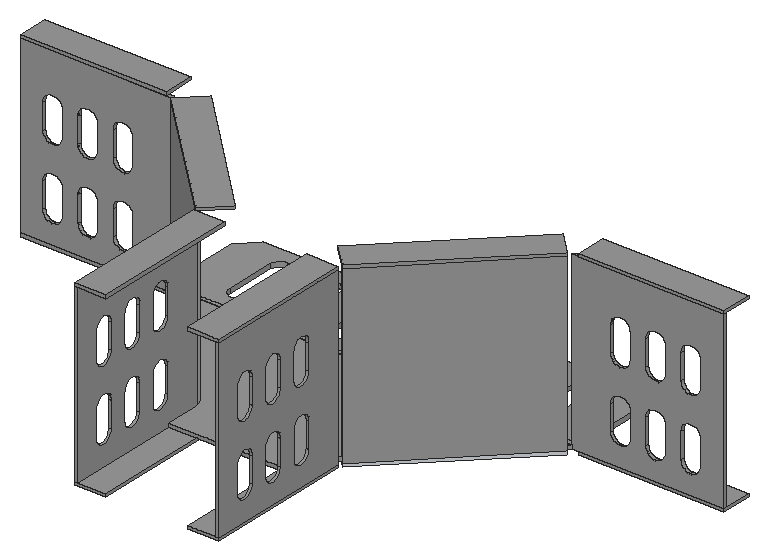
Revit family "Anbauabzweigstück- RAA 605 FT", category Generic Models, Revit 2017
Family settings
  Can host rebar = No
  Round Connector Dimension = Use Diameter
  Part Type = Normal
  Work Plane-Based = No
  Always vertical = Yes
  Cut with Voids When Loaded = No
  Shared = No
  Room Calculation Point = No
Parameters (values of type "RAA 605 FT")
  URL = "http://www.obo-bettermann.com"
  Material = Hot-dip galvanised
  Manufacturer Art.No. = "7120468"
  Manufacturer = "OBO BETTERMANN"
  GTIN = "4012196688661"
  Cut's number 3 = 2
  Cut's number 2 = 5
  Cut's number = 3
  Article Type = "RAA 605 FT"
Types (3, lengths in mm): name | Material | Manufacturer Art.No. | GTIN | Article Type
  (no name) | Hot-dip galvanised | "7120468" | "4012196688661" | "RAA 605 FT"
  RAA 605 FT | Hot-dip galvanised | "7120468" | "4012196688661" | "RAA 605 FT"
  RAA 605 FS | Strip galvanised | "7120460" | "4012196687671" | "RAA 605 FS"
Reference planes
  plane 1 "Center (Front/Back)": y = 0
  plane 2: z = 0
  plane 3 "Center (Left/Right)": x = 0
  plane 4: x = -24.5
  plane 5: x = 24.5
  plane 6: y = 95
  plane 7: x = 73
  plane 8: x = -73
  plane 9: y = 60
  plane 10: z = 1.5
  plane 11: z = 2
  plane 12: y = 95
  plane 13: y = 60
  plane 14: x = -73
  plane 15: x = 73
  plane 16: x = -67
  plane 17: y = 89
  plane 18: x = 67
  plane 19: y = 89
  plane 20: x = 18
  plane 21: x = -18
  plane 22: y = 77.5
  plane 23: x = -0.011
  plane 24: x = -36.011
  plane 25: y = 77.5
  plane 26: x = -18.023
  plane 27: x = -54.023
  plane 28: y = 77.5
  plane 29: x = 35.954
  plane 30: x = -0.046
  plane 31: y = 77.5
  plane 32: x = 53.907
  plane 33: x = 17.907
  plane 34: y = 77.5
  plane 35: x = 71.861
  plane 36: x = 35.861
  plane 37: y = 77.5
  plane 38: x = 89.814
  plane 39: x = 53.814
  plane 40: y = 77.5
  plane 41: y = 71
  plane 42: x = 124.5
  plane 43: x = -124.5
  plane 44: x = 75
  plane 45: x = -75
  plane 46: z = 62
  plane 47: x = 124.5
  plane 48: x = -124.5
  plane 49: y = 71
  plane 50: x = -125
  plane 51: through (73, 62.5, 1200) normal (0.7071, 0.7071, 0)
  plane 52: through (23.147, 15.367, 1200) normal (0.7071, 0.7071, 0)
  plane 53: through (70.5, 60, 1200) normal (0.7071, 0.7071, 0)
  plane 54: through (40.644, 43.832, 1200) normal (0.7071, 0.7071, 0)
  plane 55: through (21.812, 18.384, 1200) normal (0.7071, 0.7071, 0)
  plane 56: through (68.267, 60.488, 1200) normal (0.7071, 0.7071, 0)
  plane 57: y = 59.127
  plane 58: y = 14.848
  plane 59: x = 13.5
  plane 60: y = 14
  plane 61: y = 12.788
  plane 62: y = -40.052
  plane 63: z = -1
  plane 64: x = -73.16
  plane 65: z = 15
  plane 66: z = 40
  plane 67: x = -113.5
  plane 68: z = 15
  plane 69: z = 40
  plane 70: x = -100.989
  plane 71: z = 15
  plane 72: z = 40
  plane 73: x = -88.478
  plane 74: z = 40
  plane 75: x = -113.5
  plane 76: z = 40
  plane 77: x = -100.99
  plane 78: z = 40
  plane 79: x = -88.481
  plane 80: z = 15
  plane 81: x = 113
  plane 82: z = 15
  plane 83: x = 100.506
  plane 84: z = 15
  plane 85: x = 88.012
  plane 86: x = 113
  plane 87: z = 40
  plane 88: x = 100.475
  plane 89: z = 40
  plane 90: x = 87.951
  plane 91: z = 40
  plane 92: z = 15
  plane 93: y = -28.552
  plane 94: z = 15
  plane 95: y = -16.054
  plane 96: z = 15
  plane 97: y = -3.557
  plane 98: y = -28.552
  plane 99: z = 40
  plane 100: y = -16.02
  plane 101: z = 40
  plane 102: y = -3.488
  plane 103: z = 40
  plane 104: z = 15
  plane 105: y = -28.552
  plane 106: z = 15
  plane 107: y = -16.022
  plane 108: z = 15
  plane 109: y = -3.491
  plane 110: z = 40
  plane 111: y = -28.552
  plane 112: z = 40
  plane 113: y = -16.034
  plane 114: z = 40
  plane 115: y = -3.517
Forms (mm)
  Extrusion 1, solid, material "Hot-dip galvanised" <- "Material"
    sketch origin (0, 0, 0) x (1, 0, 0) y (0, 1, 0)
      loop
        line (-24.5, 0) -> (24.5, 0) -> (24.5, 14) -> (70.5, 60) -> (-70.5, 60) -> (-24.5, 14) -> (-24.5, 0)
    from 0 to 1.5
  Extrusion 2, solid, material "Hot-dip galvanised" <- "Material"
    sketch origin (0, 0, 0) x (0, 1, 0) y (0, 0, 1)
      loop
        line (60, 1.5) -> (60, 0) -> (60.866, 0) -> (61.276, 0.711) -> (95, 0.711) -> (95, 2.211) -> (60.41, 2.211) -> (60, 1.5)
    from -73 to 73
  Extrusion 3, void
    sketch origin (0, 0, 0) x (1, 0, 0) y (0, 1, 0)
      loop
        line (-67, 95) -> (-73, 95) -> (-73, 89) -> (-67, 95)
    from 0.711 to 2.211
  Extrusion 4, void
    sketch origin (0, 0, 0) x (1, 0, 0) y (0, 1, 0)
      loop
        line (67, 95) -> (73, 89) -> (73, 95) -> (67, 95)
    from 0.711 to 2.211
  Extrusion 5, void
    sketch origin (0, 0, 0) x (1, 0, 0) y (0, 1, 0)
      loop
        line (-70.5, 60) -> (-73, 62.5) -> (-73, 60) -> (-70.5, 60)
    from 0 to 2.211
  Extrusion 6, void
    sketch origin (0, 0, 0) x (1, 0, 0) y (0, 1, 0)
      loop
        line (70.5, 60) -> (73, 60) -> (73, 62.5) -> (70.5, 60)
    from 0 to 2.211
  Extrusion 7, void
    sketch origin (0, 0, 0) x (1, 0, 0) y (0, 1, 0)
      loop
        arc (-21.5, 68.5) -> (-18, 65) -> (-14.5, 68.5) r 3.5
        line (-14.5, 68.5) -> (-14.5, 86.5)
        arc (-14.5, 86.5) -> (-18, 90) -> (-21.5, 86.5) r 3.5
        line (-21.5, 86.5) -> (-21.5, 68.5)
    from 0.711 to 2.211
  Extrusion 8, void
    sketch origin (-18.011, 0, 0) x (1, 0, 0) y (0, 1, 0)
      loop
        arc (-21.5, 68.5) -> (-18, 65) -> (-14.5, 68.5) r 3.5
        line (-14.5, 68.5) -> (-14.5, 86.5)
        arc (-14.5, 86.5) -> (-18, 90) -> (-21.5, 86.5) r 3.5
        line (-21.5, 86.5) -> (-21.5, 68.5)
    from 0.711 to 2.211
  Extrusion 9, void
    sketch origin (-36.023, 0, 0) x (1, 0, 0) y (0, 1, 0)
      loop
        arc (-21.5, 68.5) -> (-18, 65) -> (-14.5, 68.5) r 3.5
        line (-14.5, 68.5) -> (-14.5, 86.5)
        arc (-14.5, 86.5) -> (-18, 90) -> (-21.5, 86.5) r 3.5
        line (-21.5, 86.5) -> (-21.5, 68.5)
    from 0.711 to 2.211
  Extrusion 10, void
    sketch origin (17.954, 0, 0) x (1, 0, 0) y (0, 1, 0)
      loop
        arc (-21.5, 68.5) -> (-18, 65) -> (-14.5, 68.5) r 3.5
        line (-14.5, 68.5) -> (-14.5, 86.5)
        arc (-14.5, 86.5) -> (-18, 90) -> (-21.5, 86.5) r 3.5
        line (-21.5, 86.5) -> (-21.5, 68.5)
    from 0.711 to 2.211
  Extrusion 11, void
    sketch origin (35.907, 0, 0) x (1, 0, 0) y (0, 1, 0)
      loop
        arc (-21.5, 68.5) -> (-18, 65) -> (-14.5, 68.5) r 3.5
        line (-14.5, 68.5) -> (-14.5, 86.5)
        arc (-14.5, 86.5) -> (-18, 90) -> (-21.5, 86.5) r 3.5
        line (-21.5, 86.5) -> (-21.5, 68.5)
    from 0.711 to 2.211
  Extrusion 12, void
    sketch origin (53.861, 0, 0) x (1, 0, 0) y (0, 1, 0)
      loop
        arc (-21.5, 68.5) -> (-18, 65) -> (-14.5, 68.5) r 3.5
        line (-14.5, 68.5) -> (-14.5, 86.5)
        arc (-14.5, 86.5) -> (-18, 90) -> (-21.5, 86.5) r 3.5
        line (-21.5, 86.5) -> (-21.5, 68.5)
    from 0.711 to 2.211
  Extrusion 13, void
    sketch origin (71.814, 0, 0) x (1, 0, 0) y (0, 1, 0)
      loop
        arc (-21.5, 68.5) -> (-18, 65) -> (-14.5, 68.5) r 3.5
        line (-14.5, 68.5) -> (-14.5, 86.5)
        arc (-14.5, 86.5) -> (-18, 90) -> (-21.5, 86.5) r 3.5
        line (-21.5, 86.5) -> (-21.5, 68.5)
    from 0.711 to 2.211
  Extrusion 14, solid, material "Hot-dip galvanised" <- "Material"
    sketch origin (0, 0, 0) x (1, 0, 0) y (0, 1, 0)
      loop
        line (124.5, 60) -> (124.5, 61) -> (71.5, 61) -> (70.5, 60) -> (124.5, 60)
    from 0 to 62
  Extrusion 15, solid, material "Hot-dip galvanised" <- "Material"
    sketch origin (0, 0, 0) x (1, 0, 0) y (0, 1, 0)
      loop
        line (-70.5, 60) -> (-71.541, 61.041) -> (-125, 61.041) -> (-125, 60) -> (-70.5, 60)
    from 0 to 62
  Extrusion 16, solid, material "Hot-dip galvanised" <- "Material"
    sketch origin (0, 0, 0) x (0, 1, 0) y (0, 0, 1)
      loop
        line (60, 0) -> (60, -1) -> (71, -1) -> (71, 0) -> (60, 0)
    from -125 to -73.16
  Extrusion 17, solid, material "Hot-dip galvanised" <- "Material"
    sketch origin (0, 0, 0) x (0, 1, 0) y (0, 0, 1)
      loop
        line (70.983, 63.009) -> (60, 63.009) -> (60, 62) -> (70.983, 62) -> (70.983, 63.009)
    from -125 to -73.16
  Extrusion 18, solid, material "Hot-dip galvanised" <- "Material"
    sketch origin (0, 0, 0) x (1, 0, 0) y (0, 1, 0)
      loop
        line (69.627, 59.127) -> (25.348, 14.848) -> (26.055, 14.141) -> (70.334, 58.42) -> (69.627, 59.127)
    from 0 to 62
  Extrusion 19, solid, material "Hot-dip galvanised" <- "Material"
    sketch origin (0, 0, 0) x (1, 0, 0) y (0, 1, 0)
      loop
        line (-69.627, 59.127) -> (-70.334, 58.42) -> (-26.055, 14.141) -> (-25.348, 14.848) -> (-69.627, 59.127)
    from 0 to 62
  Extrusion 20, solid, material "Hot-dip galvanised" <- "Material"
    sketch origin (0, 0, 0) x (1, 0, 0) y (0, 1, 0)
      loop
        line (24.5, 12.788) -> (24.5, -40.052) -> (25.5, -40.052) -> (25.5, 12.788) -> (24.5, 12.788)
    from 0 to 62
  Extrusion 21, solid, material "Hot-dip galvanised" <- "Material"
    sketch origin (0, 0, 0) x (1, 0, 0) y (0, 1, 0)
      loop
        line (-24.5, 12.788) -> (-25.5, 12.788) -> (-25.5, -40.052) -> (-24.5, -40.052) -> (-24.5, 12.788)
    from 0 to 62
  Extrusion 22, solid
    sketch origin (0, 0, 0) x (1, 0, 0) y (0, 1, 0)
      loop
        line (70.334, 58.42) -> (62.542, 66.213) -> (18.263, 21.934) -> (26.055, 14.141) -> (70.334, 58.42)
    from 0 to -1
  Extrusion 23, solid
    sketch origin (0, 0, 0) x (1, 0, 0) y (0, 1, 0)
      loop
        line (-70.334, 58.42) -> (-26.055, 14.141) -> (-18.268, 21.929) -> (-62.547, 66.208) -> (-70.334, 58.42)
    from 0 to -1
  Extrusion 24, solid, material "Hot-dip galvanised" <- "Material"
    sketch origin (0, 0, 0) x (1, 0, 0) y (0, 1, 0)
      loop
        line (25.437, 12.788) -> (14.437, 12.788) -> (14.437, -40.052) -> (25.437, -40.052) -> (25.437, 12.788)
    from -1 to 0
  Extrusion 25, solid, material "Hot-dip galvanised" <- "Material"
    sketch origin (0, 0, 0) x (1, 0, 0) y (0, 1, 0)
      loop
        line (-25.5, 12.788) -> (-25.5, -40.052) -> (-14.534, -40.052) -> (-14.534, 12.788) -> (-25.5, 12.788)
    from -1 to 0
  Extrusion 26, solid, material "Hot-dip galvanised" <- "Material"
    sketch origin (0, 0, 0) x (1, 0, 0) y (0, 1, 0)
      loop
        line (124.5, 60) -> (124.5, 71) -> (73, 71) -> (73, 60) -> (124.5, 60)
    from -1 to 0
  Extrusion 27, solid, material "Hot-dip galvanised" <- "Material"
    sketch origin (0, 0, 0) x (1, 0, 0) y (0, 1, 0)
      loop
        line (73, 60) -> (124.5, 60) -> (124.5, 71) -> (73, 71) -> (73, 60)
    from 62 to 63.009
  Extrusion 28, solid, material "Hot-dip galvanised" <- "Material"
    sketch origin (0, 0, 0) x (1, 0, 0) y (0, 1, 0)
      loop
        line (-70.334, 58.42) -> (-26.055, 14.141) -> (-18.268, 21.929) -> (-62.547, 66.208) -> (-70.334, 58.42)
    from 62 to 63.009
  Extrusion 29, solid, material "Hot-dip galvanised" <- "Material"
    sketch origin (0, 0, 0) x (1, 0, 0) y (0, 1, 0)
      loop
        line (70.334, 58.42) -> (62.542, 66.213) -> (18.263, 21.934) -> (26.055, 14.141) -> (70.334, 58.42)
    from 62 to 63.009
  Extrusion 30, solid, material "Hot-dip galvanised" <- "Material"
    sketch origin (0, 0, 0) x (1, 0, 0) y (0, 1, 0)
      loop
        line (-25.5, 12.788) -> (-25.5, -40.052) -> (-14.534, -40.052) -> (-14.534, 12.788) -> (-25.5, 12.788)
    from 62 to 63.009
  Extrusion 31, solid, material "Hot-dip galvanised" <- "Material"
    sketch origin (0, 0, 0) x (1, 0, 0) y (0, 1, 0)
      loop
        line (25.5, 12.788) -> (14.437, 12.788) -> (14.437, -40.052) -> (25.5, -40.052) -> (25.5, 12.788)
    from 62 to 63.009
  Extrusion 32, void
    sketch origin (0, 0, 0) x (1, 0, 0) y (0, 0, 1)
      loop
        arc (-117, 10.5) -> (-113.5, 7) -> (-110, 10.5) r 3.5
        line (-110, 10.5) -> (-110, 19.5)
        arc (-110, 19.5) -> (-113.5, 23) -> (-117, 19.5) r 3.5
        line (-117, 19.5) -> (-117, 10.5)
    from -60 to -61
  Extrusion 33, void
    sketch origin (12.511, 0, 0) x (1, 0, 0) y (0, 0, 1)
      loop
        arc (-117, 10.5) -> (-113.5, 7) -> (-110, 10.5) r 3.5
        line (-110, 10.5) -> (-110, 19.5)
        arc (-110, 19.5) -> (-113.5, 23) -> (-117, 19.5) r 3.5
        line (-117, 19.5) -> (-117, 10.5)
    from -60 to -61
  Extrusion 34, void
    sketch origin (25.022, 0, 0) x (1, 0, 0) y (0, 0, 1)
      loop
        arc (-117, 10.5) -> (-113.5, 7) -> (-110, 10.5) r 3.5
        line (-110, 10.5) -> (-110, 19.5)
        arc (-110, 19.5) -> (-113.5, 23) -> (-117, 19.5) r 3.5
        line (-117, 19.5) -> (-117, 10.5)
    from -60 to -61
  Extrusion 35, void
    sketch origin (0, 0, 0) x (1, 0, 0) y (0, 0, 1)
      loop
        arc (-117, 35.5) -> (-113.5, 32) -> (-110, 35.5) r 3.5
        line (-110, 35.5) -> (-110, 44.5)
        arc (-110, 44.5) -> (-113.5, 48) -> (-117, 44.5) r 3.5
        line (-117, 44.5) -> (-117, 35.5)
    from -60 to -61.041
  Extrusion 36, void
    sketch origin (12.51, 0, 0) x (1, 0, 0) y (0, 0, 1)
      loop
        arc (-117, 35.5) -> (-113.5, 32) -> (-110, 35.5) r 3.5
        line (-110, 35.5) -> (-110, 44.5)
        arc (-110, 44.5) -> (-113.5, 48) -> (-117, 44.5) r 3.5
        line (-117, 44.5) -> (-117, 35.5)
    from -60 to -61.041
  Extrusion 37, void
    sketch origin (25.019, 0, 0) x (1, 0, 0) y (0, 0, 1)
      loop
        arc (-117, 35.5) -> (-113.5, 32) -> (-110, 35.5) r 3.5
        line (-110, 35.5) -> (-110, 44.5)
        arc (-110, 44.5) -> (-113.5, 48) -> (-117, 44.5) r 3.5
        line (-117, 44.5) -> (-117, 35.5)
    from -60 to -61.041
  Extrusion 38, void
    sketch origin (0, 0, 0) x (1, 0, 0) y (0, 0, 1)
      loop
        arc (109.5, 10.5) -> (113, 7) -> (116.5, 10.5) r 3.5
        line (116.5, 10.5) -> (116.5, 19.5)
        arc (116.5, 19.5) -> (113, 23) -> (109.5, 19.5) r 3.5
        line (109.5, 19.5) -> (109.5, 10.5)
    from -60 to -61
  Extrusion 39, void
    sketch origin (-12.494, 0, 0) x (1, 0, 0) y (0, 0, 1)
      loop
        arc (109.5, 10.5) -> (113, 7) -> (116.5, 10.5) r 3.5
        line (116.5, 10.5) -> (116.5, 19.5)
        arc (116.5, 19.5) -> (113, 23) -> (109.5, 19.5) r 3.5
        line (109.5, 19.5) -> (109.5, 10.5)
    from -60 to -61
  Extrusion 40, void
    sketch origin (-24.988, 0, 0) x (1, 0, 0) y (0, 0, 1)
      loop
        arc (109.5, 10.5) -> (113, 7) -> (116.5, 10.5) r 3.5
        line (116.5, 10.5) -> (116.5, 19.5)
        arc (116.5, 19.5) -> (113, 23) -> (109.5, 19.5) r 3.5
        line (109.5, 19.5) -> (109.5, 10.5)
    from -60 to -61
  Extrusion 41, void
    sketch origin (0, 0, 0) x (1, 0, 0) y (0, 0, 1)
      loop
        arc (109.5, 35.5) -> (113, 32) -> (116.5, 35.5) r 3.5
        line (116.5, 35.5) -> (116.5, 44.5)
        arc (116.5, 44.5) -> (113, 48) -> (109.5, 44.5) r 3.5
        line (109.5, 44.5) -> (109.5, 35.5)
    from -60 to -61
  Extrusion 42, void
    sketch origin (-12.525, 0, 0) x (1, 0, 0) y (0, 0, 1)
      loop
        arc (109.5, 35.5) -> (113, 32) -> (116.5, 35.5) r 3.5
        line (116.5, 35.5) -> (116.5, 44.5)
        arc (116.5, 44.5) -> (113, 48) -> (109.5, 44.5) r 3.5
        line (109.5, 44.5) -> (109.5, 35.5)
    from -60 to -61
  Extrusion 43, void
    sketch origin (-25.049, 0, 0) x (1, 0, 0) y (0, 0, 1)
      loop
        arc (109.5, 35.5) -> (113, 32) -> (116.5, 35.5) r 3.5
        line (116.5, 35.5) -> (116.5, 44.5)
        arc (116.5, 44.5) -> (113, 48) -> (109.5, 44.5) r 3.5
        line (109.5, 44.5) -> (109.5, 35.5)
    from -60 to -61
  Extrusion 44, void
    sketch origin (0, 0, 0) x (0, 1, 0) y (0, 0, 1)
      loop
        line (-25.052, 10.5) -> (-25.052, 19.5)
        arc (-25.052, 19.5) -> (-28.552, 23) -> (-32.052, 19.5) r 3.5
        line (-32.052, 19.5) -> (-32.052, 10.5)
        arc (-32.052, 10.5) -> (-28.552, 7) -> (-25.052, 10.5) r 3.5
    from -24.5 to -25.5
  Extrusion 45, void
    sketch origin (0, 12.497, 0) x (0, 1, 0) y (0, 0, 1)
      loop
        line (-25.052, 10.5) -> (-25.052, 19.5)
        arc (-25.052, 19.5) -> (-28.552, 23) -> (-32.052, 19.5) r 3.5
        line (-32.052, 19.5) -> (-32.052, 10.5)
        arc (-32.052, 10.5) -> (-28.552, 7) -> (-25.052, 10.5) r 3.5
    from -24.5 to -25.5
  Extrusion 46, void
    sketch origin (0, 24.995, 0) x (0, 1, 0) y (0, 0, 1)
      loop
        line (-25.052, 10.5) -> (-25.052, 19.5)
        arc (-25.052, 19.5) -> (-28.552, 23) -> (-32.052, 19.5) r 3.5
        line (-32.052, 19.5) -> (-32.052, 10.5)
        arc (-32.052, 10.5) -> (-28.552, 7) -> (-25.052, 10.5) r 3.5
    from -24.5 to -25.5
  Extrusion 47, void
    sketch origin (0, 0, 0) x (0, 1, 0) y (0, 0, 1)
      loop
        line (-25.052, 35.5) -> (-25.052, 44.5)
        arc (-25.052, 44.5) -> (-28.552, 48) -> (-32.052, 44.5) r 3.5
        line (-32.052, 44.5) -> (-32.052, 35.5)
        arc (-32.052, 35.5) -> (-28.552, 32) -> (-25.052, 35.5) r 3.5
    from -24.5 to -25.5
  Extrusion 48, void
    sketch origin (0, 12.532, 0) x (0, 1, 0) y (0, 0, 1)
      loop
        line (-25.052, 35.5) -> (-25.052, 44.5)
        arc (-25.052, 44.5) -> (-28.552, 48) -> (-32.052, 44.5) r 3.5
        line (-32.052, 44.5) -> (-32.052, 35.5)
        arc (-32.052, 35.5) -> (-28.552, 32) -> (-25.052, 35.5) r 3.5
    from -24.5 to -25.5
  Extrusion 49, void
    sketch origin (0, 25.064, 0) x (0, 1, 0) y (0, 0, 1)
      loop
        line (-25.052, 35.5) -> (-25.052, 44.5)
        arc (-25.052, 44.5) -> (-28.552, 48) -> (-32.052, 44.5) r 3.5
        line (-32.052, 44.5) -> (-32.052, 35.5)
        arc (-32.052, 35.5) -> (-28.552, 32) -> (-25.052, 35.5) r 3.5
    from -24.5 to -25.5
  Extrusion 50, void
    sketch origin (0, 0, 0) x (0, 1, 0) y (0, 0, 1)
      loop
        arc (-32.086, 10.5) -> (-28.586, 7) -> (-25.086, 10.5) r 3.5
        line (-25.086, 10.5) -> (-25.086, 19.5)
        arc (-25.086, 19.5) -> (-28.586, 23) -> (-32.086, 19.5) r 3.5
        line (-32.086, 19.5) -> (-32.086, 10.5)
    from 24.5 to 25.5
  Extrusion 51, void
    sketch origin (0, 12.53, 0) x (0, 1, 0) y (0, 0, 1)
      loop
        arc (-32.086, 10.5) -> (-28.586, 7) -> (-25.086, 10.5) r 3.5
        line (-25.086, 10.5) -> (-25.086, 19.5)
        arc (-25.086, 19.5) -> (-28.586, 23) -> (-32.086, 19.5) r 3.5
        line (-32.086, 19.5) -> (-32.086, 10.5)
    from 24.5 to 25.5
  Extrusion 52, void
    sketch origin (0, 25.06, 0) x (0, 1, 0) y (0, 0, 1)
      loop
        arc (-32.086, 10.5) -> (-28.586, 7) -> (-25.086, 10.5) r 3.5
        line (-25.086, 10.5) -> (-25.086, 19.5)
        arc (-25.086, 19.5) -> (-28.586, 23) -> (-32.086, 19.5) r 3.5
        line (-32.086, 19.5) -> (-32.086, 10.5)
    from 24.5 to 25.5
  Extrusion 53, void
    sketch origin (0, 0, 25) x (0, 1, 0) y (0, 0, 1)
      loop
        arc (-32.086, 10.5) -> (-28.586, 7) -> (-25.086, 10.5) r 3.5
        line (-25.086, 10.5) -> (-25.086, 19.5)
        arc (-25.086, 19.5) -> (-28.586, 23) -> (-32.086, 19.5) r 3.5
        line (-32.086, 19.5) -> (-32.086, 10.5)
    from 24.5 to 25.5
  Extrusion 54, void
    sketch origin (0, 12.518, 25) x (0, 1, 0) y (0, 0, 1)
      loop
        arc (-32.086, 10.5) -> (-28.586, 7) -> (-25.086, 10.5) r 3.5
        line (-25.086, 10.5) -> (-25.086, 19.5)
        arc (-25.086, 19.5) -> (-28.586, 23) -> (-32.086, 19.5) r 3.5
        line (-32.086, 19.5) -> (-32.086, 10.5)
    from 24.5 to 25.5
  Extrusion 55, void
    sketch origin (0, 25.035, 25) x (0, 1, 0) y (0, 0, 1)
      loop
        arc (-32.086, 10.5) -> (-28.586, 7) -> (-25.086, 10.5) r 3.5
        line (-25.086, 10.5) -> (-25.086, 19.5)
        arc (-25.086, 19.5) -> (-28.586, 23) -> (-32.086, 19.5) r 3.5
        line (-32.086, 19.5) -> (-32.086, 10.5)
    from 24.5 to 25.5
Cuts and joins
  Extrusion 3, Extrusion 4, Extrusion 5, Extrusion 6, Extrusion 7, Extrusion 8, Extrusion 9, Extrusion 10, Extrusion 11, Extrusion 12, Extrusion 13 cuts Extrusion 2
  Extrusion 32, Extrusion 33, Extrusion 34, Extrusion 35, Extrusion 36, Extrusion 37 cuts Extrusion 15
  Extrusion 38, Extrusion 39, Extrusion 40, Extrusion 41, Extrusion 42, Extrusion 43 cuts Extrusion 14
  Extrusion 44, Extrusion 45, Extrusion 46, Extrusion 47, Extrusion 48, Extrusion 49 cuts Extrusion 21
  Extrusion 50, Extrusion 51, Extrusion 52, Extrusion 53, Extrusion 54, Extrusion 55 cuts Extrusion 20
Dimensions and locks
  locked: plane 4 to plane 3 "Center (Left/Right)" at 24.5
  locked: plane 3 "Center (Left/Right)" to plane 5 at 24.5
  locked: plane 1 "Center (Front/Back)" to plane 6 at 95
  locked: plane 8 to plane 3 "Center (Left/Right)" at 73
  locked: plane 3 "Center (Left/Right)" to plane 7 at 73
  locked: plane 1 "Center (Front/Back)" to plane 9 at 60
  plane 6 to plane 9 = 35 mm
  locked: Extrusion 1 sketch curve to Extrusion 1 sketch curve at 141
  locked: Extrusion 1 sketch curve to Extrusion 1 sketch curve at 60
  locked: Extrusion 1 sketch curve to Extrusion 1 sketch curve at 14  (x2)
  locked: plane 10 to level at 1.5
  locked: plane 11 to level at 2
  locked: plane 12 to plane 13 at 35
  locked: Extrusion 2 sketch curve to Extrusion 2 sketch curve at 1.5
  locked: Extrusion 2 sketch curve to Extrusion 1 at 35
  locked: Extrusion 2 sketch curve to Extrusion 2 sketch curve at 2.211
  locked: plane 14 to plane 3 "Center (Left/Right)" at 73
  locked: plane 3 "Center (Left/Right)" to plane 15 at 73
  locked: Extrusion 7 sketch curve to Extrusion 7 sketch curve at 7
  locked: plane 21 to Extrusion 7 sketch curve at 3.5
  locked: Extrusion 7 sketch curve to plane 22 at 12.5
  locked: plane 22 to Extrusion 7 sketch curve at 12.5
  locked: Extrusion 8 sketch curve to Extrusion 8 sketch curve at 7
  locked: plane 24 to Extrusion 8 sketch curve at 3.5
  locked: Extrusion 8 sketch curve to plane 25 at 12.5
  locked: plane 25 to Extrusion 8 sketch curve at 12.5
  locked: Extrusion 9 sketch curve to Extrusion 9 sketch curve at 7
  locked: plane 27 to Extrusion 9 sketch curve at 3.5
  locked: Extrusion 9 sketch curve to plane 28 at 12.5
  locked: plane 28 to Extrusion 9 sketch curve at 12.5
  locked: cut or joined group 1 (Extrusion 2, Extrusion 3, Extrusion 4, Extrusion 5, Extrusion 6, Extrusion 7, Extrusion 8, Extrusion 9, Extrusion 10, Extrusion 11, Extrusion 12, Extrusion 13) to cut or joined group 1 at 11.011  (x2)
  locked: cut or joined group 1 to cut or joined group 1 at 15.477
  locked: Extrusion 10 sketch curve to Extrusion 10 sketch curve at 7
  locked: plane 30 to Extrusion 10 sketch curve at 3.5
  locked: Extrusion 10 sketch curve to plane 31 at 12.5
  locked: plane 31 to Extrusion 10 sketch curve at 12.5
  equal spacing: group 3, group 4, group 5, group 6, group 7  (x3)
  locked: Extrusion 11 sketch curve to Extrusion 11 sketch curve at 7
  locked: plane 33 to Extrusion 11 sketch curve at 3.5
  locked: Extrusion 11 sketch curve to plane 34 at 12.5
  locked: plane 34 to Extrusion 11 sketch curve at 12.5
  locked: Extrusion 12 sketch curve to Extrusion 12 sketch curve at 7
  locked: plane 36 to Extrusion 12 sketch curve at 3.5
  locked: Extrusion 12 sketch curve to plane 37 at 12.5
  locked: plane 37 to Extrusion 12 sketch curve at 12.5
  locked: Extrusion 13 sketch curve to Extrusion 13 sketch curve at 7
  locked: plane 39 to Extrusion 13 sketch curve at 3.5
  locked: Extrusion 13 sketch curve to plane 40 at 12.5
  locked: plane 40 to Extrusion 13 sketch curve at 12.5
  locked: cut or joined group 1 to cut or joined group 1 at 10.954  (x3)
  locked: cut or joined group 1 to cut or joined group 1 at 15.686
  locked: plane 13 to plane 41 at 11
  cut or joined group 1 to plane 42 = 51.5 mm
  locked: plane 3 "Center (Left/Right)" to plane 42 at 124.5
  locked: plane 43 to plane 3 "Center (Left/Right)" at 124.5
  locked: cut or joined group 1 to plane 44 at 2
  locked: plane 45 to cut or joined group 1 at 2
  cut or joined group 1 to level = 0.711 mm
  plane 46 to level = 62 mm
  locked: Extrusion 14 to Extrusion 14 at 1
  locked: plane 48 to plane 3 "Center (Left/Right)" at 124.5
  plane 48 to plane 14 = 51.5 mm
  locked: plane 13 to plane 49 at 11
  locked: Extrusion 15 sketch curve to Extrusion 15 sketch curve at 1.041
  locked: plane 50 to plane 14 at 52
  Extrusion 16 to cut or joined group 1 = 0.16 mm
  locked: Extrusion 17 to Extrusion 17 at 10.983
  Extrusion 17 to Extrusion 17 = 1.009 mm
  locked: Extrusion 1 to Extrusion 18 sketch curve at 1
  Extrusion 18 sketch curve to Extrusion 18 sketch curve = 62.62 mm
  locked: plane 52 to plane 3 "Center (Left/Right)" at 27.233
  locked: plane 54 to plane 52 at 32.5
  plane 54 to plane 55 = 31.31 mm
  locked: plane 56 to plane 54 at 31.31
  locked: Extrusion 18 sketch curve to Extrusion 18 sketch curve at 62.62
  locked: Extrusion 19 sketch curve to Extrusion 1 at 1
  locked: Extrusion 19 sketch curve to Extrusion 19 sketch curve at 62.62
  locked: plane 59 to Extrusion 1 at 11
  locked: Extrusion 20 sketch curve to Extrusion 20 sketch curve at 1
  locked: Extrusion 20 sketch curve to Extrusion 20 sketch curve at 52.84
  locked: Extrusion 21 sketch curve to Extrusion 21 sketch curve at 1
  locked: Extrusion 21 sketch curve to Extrusion 21 sketch curve at 52.84
  locked: Extrusion 22 sketch curve to Extrusion 18 at 11.02
  locked: Extrusion 22 sketch curve to Extrusion 22 sketch curve at 62.62
  locked: Extrusion 22 to Extrusion 22 at 1
  locked: Extrusion 19 to Extrusion 23 sketch curve at 11.013
  locked: Extrusion 23 sketch curve to Extrusion 23 sketch curve at 62.62
  locked: Extrusion 24 sketch curve to Extrusion 24 sketch curve at 52.84
  locked: Extrusion 24 sketch curve to Extrusion 20 at 11.063
  locked: Extrusion 21 to Extrusion 25 sketch curve at 10.966
  locked: Extrusion 25 sketch curve to Extrusion 25 sketch curve at 52.84
  plane 50 to plane 47 = 249.5 mm
  locked: Extrusion 14 to Extrusion 26 sketch curve at 11
  locked: cut or joined group 1 to Extrusion 26 sketch curve at 51.5
  locked: Extrusion 14 to Extrusion 26 at 11
  Extrusion 26 to Extrusion 26 = 51.5 mm
  locked: plane 50 to plane 64 at 51.84
  locked: Extrusion 19 to Extrusion 23 at 11.013
  locked: Extrusion 23 to Extrusion 23 at 62.62
  locked: Extrusion 18 to Extrusion 22 at 11.02
  locked: Extrusion 22 to Extrusion 22 at 62.62
  locked: Extrusion 25 to Extrusion 25 at 52.84
  locked: Extrusion 21 to Extrusion 25 at 10.966
  locked: Extrusion 24 to Extrusion 24 at 52.84
  locked: Extrusion 24 to Extrusion 20 at 11.063
  locked: plane 66 to plane 65 at 25
  locked: Extrusion 32 sketch curve to Extrusion 32 sketch curve at 7
  locked: plane 67 to Extrusion 32 sketch curve at 3.5
  locked: Extrusion 32 sketch curve to plane 65 at 8
  locked: plane 65 to Extrusion 32 sketch curve at 8
  locked: Extrusion 26 to Extrusion 26 at 1
  locked: Extrusion 26 to Extrusion 26 at 11
  Extrusion 32 sketch curve to plane 65 = 8 mm
  locked: plane 69 to plane 68 at 25
  locked: Extrusion 33 sketch curve to Extrusion 33 sketch curve at 7
  locked: plane 70 to Extrusion 33 sketch curve at 3.5
  locked: Extrusion 33 sketch curve to plane 68 at 8
  locked: plane 68 to Extrusion 33 sketch curve at 8
  Extrusion 33 sketch curve to plane 68 = 8 mm
  equal spacing: group 8, group 9, group 10  (x3)
  locked: plane 72 to plane 71 at 25
  locked: Extrusion 34 sketch curve to Extrusion 34 sketch curve at 7
  locked: plane 73 to Extrusion 34 sketch curve at 3.5
  locked: Extrusion 34 sketch curve to plane 71 at 8
  locked: plane 71 to Extrusion 34 sketch curve at 8
  Extrusion 34 sketch curve to plane 71 = 8 mm
  locked: Extrusion 35 sketch curve to Extrusion 35 sketch curve at 7
  locked: plane 75 to Extrusion 35 sketch curve at 3.5
  locked: Extrusion 35 sketch curve to plane 74 at 8
  locked: plane 74 to Extrusion 35 sketch curve at 8
  locked: Extrusion 36 sketch curve to Extrusion 36 sketch curve at 7
  locked: plane 77 to Extrusion 36 sketch curve at 3.5
  locked: Extrusion 36 sketch curve to plane 76 at 8
  locked: plane 76 to Extrusion 36 sketch curve at 8
  locked: Extrusion 37 sketch curve to Extrusion 37 sketch curve at 7
  locked: plane 79 to Extrusion 37 sketch curve at 3.5
  locked: Extrusion 37 sketch curve to plane 78 at 8
  locked: plane 78 to Extrusion 37 sketch curve at 8
  locked: Extrusion 38 sketch curve to Extrusion 38 sketch curve at 7
  locked: plane 81 to Extrusion 38 sketch curve at 3.5
  locked: Extrusion 38 sketch curve to plane 80 at 8
  locked: plane 80 to Extrusion 38 sketch curve at 8
  locked: Extrusion 39 sketch curve to Extrusion 39 sketch curve at 7
  locked: plane 83 to Extrusion 39 sketch curve at 3.5
  locked: Extrusion 39 sketch curve to plane 82 at 8
  locked: plane 82 to Extrusion 39 sketch curve at 8
  equal spacing: group 13, group 12, group 11
  equal spacing: group 11, group 12, group 13  (x2)
  locked: Extrusion 40 sketch curve to Extrusion 40 sketch curve at 7
  locked: plane 85 to Extrusion 40 sketch curve at 3.5
  locked: Extrusion 40 sketch curve to plane 84 at 8
  locked: plane 84 to Extrusion 40 sketch curve at 8
  locked: Extrusion 41 sketch curve to Extrusion 41 sketch curve at 7
  locked: plane 86 to Extrusion 41 sketch curve at 3.5
  locked: Extrusion 41 sketch curve to plane 87 at 8
  locked: plane 87 to Extrusion 41 sketch curve at 8
  locked: Extrusion 42 sketch curve to Extrusion 42 sketch curve at 7
  locked: plane 88 to Extrusion 42 sketch curve at 3.5
  locked: Extrusion 42 sketch curve to plane 89 at 8
  locked: plane 89 to Extrusion 42 sketch curve at 8
  equal spacing: group 16, group 15, group 14
  equal spacing: group 14, group 15, group 16  (x2)
  locked: Extrusion 43 sketch curve to Extrusion 43 sketch curve at 7
  locked: plane 90 to Extrusion 43 sketch curve at 3.5
  locked: Extrusion 43 sketch curve to plane 91 at 8
  locked: plane 91 to Extrusion 43 sketch curve at 8
  locked: Extrusion 44 sketch curve to Extrusion 44 sketch curve at 7
  locked: Extrusion 44 sketch curve to plane 93 at 3.5
  locked: Extrusion 44 sketch curve to plane 92 at 8
  locked: plane 92 to Extrusion 44 sketch curve at 8
  locked: Extrusion 45 sketch curve to Extrusion 45 sketch curve at 7
  locked: Extrusion 45 sketch curve to plane 95 at 3.5
  locked: Extrusion 45 sketch curve to plane 94 at 8
  locked: plane 94 to Extrusion 45 sketch curve at 8
  equal spacing: group 17, group 18, group 19  (x3)
  locked: Extrusion 46 sketch curve to Extrusion 46 sketch curve at 7
  locked: Extrusion 46 sketch curve to plane 97 at 3.5
  locked: Extrusion 46 sketch curve to plane 96 at 8
  locked: plane 96 to Extrusion 46 sketch curve at 8
  locked: Extrusion 47 sketch curve to Extrusion 47 sketch curve at 7
  locked: Extrusion 47 sketch curve to plane 98 at 3.5
  locked: Extrusion 47 sketch curve to plane 99 at 8
  locked: plane 99 to Extrusion 47 sketch curve at 8
  locked: Extrusion 48 sketch curve to Extrusion 48 sketch curve at 7
  locked: Extrusion 48 sketch curve to plane 100 at 3.5
  locked: Extrusion 48 sketch curve to plane 101 at 8
  locked: plane 101 to Extrusion 48 sketch curve at 8
  equal spacing: group 20, group 21, group 22  (x3)
  locked: Extrusion 49 sketch curve to Extrusion 49 sketch curve at 7
  locked: Extrusion 49 sketch curve to plane 102 at 3.5
  locked: Extrusion 49 sketch curve to plane 103 at 8
  locked: plane 103 to Extrusion 49 sketch curve at 8
  locked: Extrusion 50 sketch curve to Extrusion 50 sketch curve at 7
  locked: plane 105 to Extrusion 50 sketch curve at 3.466
  locked: Extrusion 50 sketch curve to plane 104 at 8
  locked: plane 104 to Extrusion 50 sketch curve at 8
  locked: Extrusion 51 sketch curve to Extrusion 51 sketch curve at 7
  locked: plane 107 to Extrusion 51 sketch curve at 3.466
  locked: Extrusion 51 sketch curve to plane 106 at 8
  locked: plane 106 to Extrusion 51 sketch curve at 8
  locked: Extrusion 52 sketch curve to Extrusion 52 sketch curve at 7
  locked: plane 109 to Extrusion 52 sketch curve at 3.466
  locked: Extrusion 52 sketch curve to plane 108 at 8
  locked: plane 108 to Extrusion 52 sketch curve at 8
  locked: Extrusion 53 sketch curve to Extrusion 53 sketch curve at 7
  locked: plane 111 to Extrusion 53 sketch curve at 3.466
  locked: Extrusion 53 sketch curve to plane 110 at 8
  locked: plane 110 to Extrusion 53 sketch curve at 8
  locked: Extrusion 54 sketch curve to Extrusion 54 sketch curve at 7
  locked: plane 113 to Extrusion 54 sketch curve at 3.466
  locked: Extrusion 54 sketch curve to plane 112 at 8
  locked: plane 112 to Extrusion 54 sketch curve at 8
  equal spacing: group 26, group 27, group 28  (x3)
  locked: Extrusion 55 sketch curve to Extrusion 55 sketch curve at 7
  locked: plane 115 to Extrusion 55 sketch curve at 3.466
  locked: Extrusion 55 sketch curve to plane 114 at 8
  locked: plane 114 to Extrusion 55 sketch curve at 8
  locked: Extrusion 1 sketch curve to Extrusion 1 sketch curve (angle 135.00°)  (x2)
  aligned and locked: level to plane 2
  aligned and locked: plane 1 "Center (Front/Back)" to Extrusion 1
  aligned and locked: plane 10 to Extrusion 1
  aligned and locked: plane 13 to Extrusion 1
  aligned and locked: Extrusion 2 to Extrusion 1  (x2)
  aligned and locked: Extrusion 2 to level
  aligned and locked: Extrusion 2 to plane 12
  aligned and locked: Extrusion 2 to plane 2
  aligned and locked: Extrusion 2 to plane 14
  aligned and locked: plane 15 to Extrusion 2
  aligned and locked: Extrusion 3 to plane 12
  aligned and locked: Extrusion 3 to Extrusion 2  (x2)
  aligned and locked: Extrusion 2 to Extrusion 3
  aligned and locked: Extrusion 4 to plane 12
  aligned and locked: Extrusion 2 to Extrusion 4  (x2)
  aligned and locked: Extrusion 4 to Extrusion 2
  aligned and locked: Extrusion 2 to Extrusion 5
  aligned and locked: Extrusion 5 to Extrusion 1  (x2)
  aligned and locked: Extrusion 5 to Extrusion 2
  aligned and locked: Extrusion 6 to Extrusion 2
  aligned and locked: Extrusion 6 to Extrusion 1
  aligned and locked: Extrusion 1 to Extrusion 6
  aligned and locked: Extrusion 2 to Extrusion 6
  aligned and locked: Extrusion 2 to Extrusion 7  (x2)
  aligned and locked: plane 42 to Extrusion 14 sketch curve
  aligned and locked: Extrusion 1 to Extrusion 14 sketch curve
  aligned and locked: Extrusion 14 sketch curve to plane 13
  aligned and locked: Extrusion 14 to Extrusion 1
  aligned and locked: plane 13 to Extrusion 14
  aligned and locked: plane 46 to Extrusion 14
  aligned and locked: Extrusion 15 to Extrusion 1
  aligned and locked: Extrusion 15 to plane 50
  aligned and locked: Extrusion 14 to Extrusion 15
  aligned and locked: Extrusion 17 to Extrusion 15  (x2)
  aligned and locked: Extrusion 17 to Extrusion 16
  aligned and locked: Extrusion 16 to Extrusion 17
  aligned and locked: Extrusion 18 to Extrusion 1
  aligned and locked: Extrusion 18 sketch curve to plane 55
  aligned and locked: Extrusion 18 sketch curve to plane 56
  aligned and locked: Extrusion 14 to Extrusion 18
  aligned and locked: Extrusion 1 to Extrusion 18
  aligned and locked: Extrusion 19 to Extrusion 15
  aligned and locked: Extrusion 1 to Extrusion 19
  aligned and locked: Extrusion 20 sketch curve to Extrusion 1
  aligned and locked: Extrusion 20 to Extrusion 1  (x2)
  aligned and locked: Extrusion 14 to Extrusion 20
  aligned and locked: plane 62 to Extrusion 21 sketch curve
  aligned and locked: Extrusion 21 to Extrusion 1
  aligned and locked: Extrusion 21 to Extrusion 14
  aligned and locked: Extrusion 1 to Extrusion 21
  aligned and locked: level to Extrusion 22
  aligned and locked: Extrusion 22 to plane 63
  aligned and locked: Extrusion 23 to Extrusion 19
  aligned and locked: level to Extrusion 23
  aligned and locked: Extrusion 22 to Extrusion 23
  aligned and locked: Extrusion 24 to Extrusion 22
  aligned and locked: Extrusion 24 to Extrusion 1
  aligned and locked: Extrusion 25 to Extrusion 21
  aligned and locked: Extrusion 25 to Extrusion 22
  aligned and locked: Extrusion 25 to Extrusion 1
  aligned and locked: Extrusion 22 to Extrusion 26
  aligned and locked: Extrusion 26 to Extrusion 1
  aligned and locked: Extrusion 27 to Extrusion 17
  aligned and locked: Extrusion 27 to Extrusion 14  (x2)
  aligned and locked: plane 64 to Extrusion 17
  aligned and locked: Extrusion 27 sketch curve to cut or joined group 1
  aligned and locked: Extrusion 26 to plane 15
  aligned and locked: Extrusion 14 to Extrusion 28
  aligned and locked: Extrusion 17 to Extrusion 28
  aligned and locked: Extrusion 29 to Extrusion 14
  aligned and locked: Extrusion 17 to Extrusion 29
  aligned and locked: Extrusion 30 to Extrusion 14
  aligned and locked: Extrusion 30 to Extrusion 17
  aligned and locked: Extrusion 31 to Extrusion 14
  aligned and locked: Extrusion 31 to Extrusion 17
  aligned and locked: Extrusion 1 to Extrusion 32
  aligned and locked: Extrusion 14 to Extrusion 32
  aligned and locked: Extrusion 38 to Extrusion 1
  aligned and locked: Extrusion 14 to Extrusion 38
  aligned and locked: Extrusion 41 to Extrusion 1
  aligned and locked: Extrusion 14 to Extrusion 41
  aligned and locked: Extrusion 21 to Extrusion 44
  aligned and locked: Extrusion 21 to Extrusion 47
  aligned and locked: Extrusion 50 to Extrusion 1
  aligned and locked: Extrusion 20 to Extrusion 50
  aligned and locked: Extrusion 15 to Extrusion 35  (x2)
  aligned and locked: Extrusion 1 to Extrusion 36
  aligned and locked: Extrusion 15 to Extrusion 37
  aligned and locked: Extrusion 15 to Extrusion 36
Automatic sketch dimensions
  Extrusion 1 sketch curve to plane 9 = 0 mm
  Extrusion 1 sketch curve to plane 4 = 0 mm
  Extrusion 2 sketch curve to plane 10 = 0 mm
  Extrusion 2 sketch curve to plane 13 = 0 mm
  Extrusion 2 sketch curve to level = 0 mm
  Extrusion 2 sketch curve to plane 13 = 0.41 mm
  Extrusion 2 sketch curve to Extrusion 2 sketch curve = 0.866 mm
  Extrusion 2 sketch curve to Extrusion 2 sketch curve = 0.41 mm
  Extrusion 3 sketch curve to plane 14 = 0 mm
  plane 12 to Extrusion 3 sketch curve = 0 mm
  Extrusion 3 sketch curve to plane 16 = 0 mm
  Extrusion 3 sketch curve to plane 17 = 0 mm
  plane 12 to Extrusion 4 sketch curve = 0 mm
  Extrusion 4 sketch curve to plane 18 = 0 mm
  Extrusion 4 sketch curve to plane 15 = 0 mm
  Extrusion 4 sketch curve to plane 19 = 0 mm
  Extrusion 5 sketch curve to plane 14 = 0 mm
  plane 13 to Extrusion 5 sketch curve = 0 mm
  Extrusion 5 sketch curve to Extrusion 5 sketch curve = 2.5 mm  (x2)
  plane 13 to Extrusion 6 sketch curve = 0 mm
  Extrusion 6 sketch curve to plane 15 = 0 mm
  Extrusion 6 sketch curve to plane 15 = 2.5 mm
  Extrusion 6 sketch curve to plane 13 = 2.5 mm
  Extrusion 14 sketch curve to plane 13 = 1 mm
  Extrusion 15 sketch curve to plane 48 = 0.5 mm
  plane 13 to Extrusion 15 sketch curve = 0 mm
  plane 14 to Extrusion 15 sketch curve = 1.459 mm
  Extrusion 15 sketch curve to Extrusion 15 sketch curve = 1.041 mm
  Extrusion 17 sketch curve to plane 13 = 0 mm
  Extrusion 17 sketch curve to plane 46 = 0 mm
  plane 46 to Extrusion 17 sketch curve = 1.009 mm
  Extrusion 17 sketch curve to plane 13 = 10.983 mm
  Extrusion 18 sketch curve to plane 1 "Center (Front/Back)" = 14.848 mm
  plane 57 to Extrusion 19 sketch curve = 0 mm
  plane 58 to Extrusion 19 sketch curve = 0.707 mm
  plane 60 to Extrusion 20 sketch curve = 1.212 mm
  Extrusion 21 sketch curve to plane 3 "Center (Left/Right)" = 25.5 mm
  Extrusion 22 sketch curve to plane 15 = 2.666 mm
  plane 13 to Extrusion 22 sketch curve = 1.58 mm
  plane 14 to Extrusion 23 sketch curve = 2.666 mm
  plane 13 to Extrusion 23 sketch curve = 1.58 mm
  Extrusion 24 sketch curve to plane 1 "Center (Front/Back)" = 12.788 mm
  Extrusion 24 sketch curve to Extrusion 24 sketch curve = 11 mm
  Extrusion 25 sketch curve to plane 1 "Center (Front/Back)" = 12.788 mm
  Extrusion 25 sketch curve to Extrusion 25 sketch curve = 10.966 mm
  plane 13 to Extrusion 26 sketch curve = 0 mm
  plane 13 to Extrusion 27 sketch curve = 0 mm
  Extrusion 27 sketch curve to plane 47 = 0 mm
  Extrusion 27 sketch curve to plane 13 = 11 mm
  Extrusion 26 sketch curve to plane 15 = 0 mm
  Extrusion 28 sketch curve to plane 1 "Center (Front/Back)" = 14.141 mm
  Extrusion 28 sketch curve to plane 3 "Center (Left/Right)" = 26.055 mm
  Extrusion 28 sketch curve to Extrusion 28 sketch curve = 7.788 mm
  Extrusion 28 sketch curve to plane 13 = 6.208 mm
  plane 13 to Extrusion 28 sketch curve = 1.58 mm
  Extrusion 29 sketch curve to plane 1 "Center (Front/Back)" = 14.141 mm
  Extrusion 29 sketch curve to Extrusion 29 sketch curve = 7.793 mm
  Extrusion 29 sketch curve to plane 13 = 6.213 mm
  Extrusion 29 sketch curve to plane 15 = 2.666 mm
  plane 13 to Extrusion 29 sketch curve = 1.58 mm
  Extrusion 30 sketch curve to plane 3 "Center (Left/Right)" = 14.534 mm
  plane 1 "Center (Front/Back)" to Extrusion 30 sketch curve = 40.052 mm
  Extrusion 30 sketch curve to plane 1 "Center (Front/Back)" = 12.788 mm
  Extrusion 30 sketch curve to Extrusion 30 sketch curve = 10.966 mm
  plane 3 "Center (Left/Right)" to Extrusion 31 sketch curve = 14.437 mm
  Extrusion 31 sketch curve to Extrusion 31 sketch curve = 11.063 mm
  plane 1 "Center (Front/Back)" to Extrusion 31 sketch curve = 40.052 mm
  Extrusion 31 sketch curve to plane 1 "Center (Front/Back)" = 12.788 mm
  Extrusion 16 sketch curve to plane 13 = 0 mm
  Extrusion 16 sketch curve to level = 0 mm
  plane 63 to Extrusion 16 sketch curve = 0 mm
  Extrusion 16 sketch curve to plane 13 = 11 mm
